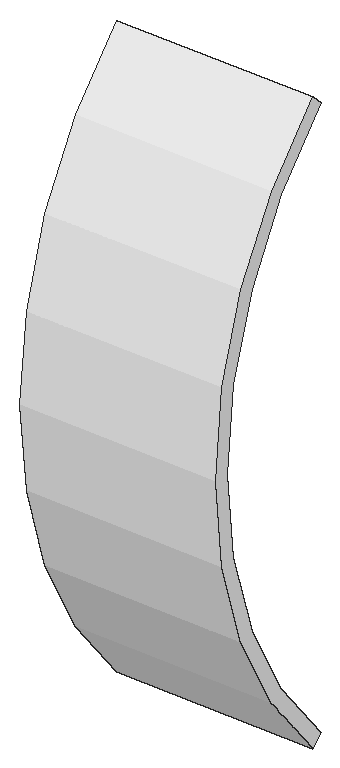
Revit family "QSS+_Вставки в хомут", category Обобщенные модели, Revit 2019
Family settings
  Может служить основой для арматурных стержней = Нет
  Размер круглого соединителя = Использовать диаметр
  Тип детали = Нормальный
  На основе рабочей плоскости = Нет
  Всегда вертикально = Нет
  При загрузке вырезать с полостями = Нет
  Общий = Да
  Точка расчета площади = Нет
Parameters (values of type "QSS+")
  Поиск в таблице имен = "QSS_Вставки в хомут"
  Мвтериал_Корпус = Металл
  d3 [instance] = d + 1 mm  # 57 mm
  d2 [instance] = d + 3 mm  # 59 mm
  d1 [instance] = 15.5 mm
  d [instance] = 56 mm
  ADSK_Примечание = ""
  ADSK_Позиция [instance] = ""
  ADSK_Обозначение = ""
  ADSK_Наименование [instance] = size_lookup(Поиск в таблице имен, "ADSK_Наименование", "Решение не найдено", d)  # "Вставки в хомут d56"
  ADSK_Масса_Текст [instance] = ""
  ADSK_Масса [instance] = 0
  ADSK_Марка = ""
  ADSK_Код изделия [instance] = size_lookup(Поиск в таблице имен, "ADSK_Код изделия", "Решение не найдено", d)  # "QSS-BFS-056"
  ADSK_Завод-изготовитель = "Agpipe"  # constant formula
  ADSK_Единица измерения = "шт."  # constant formula
Reference planes
  plane 1 "По центру (Вперед/Назад)": y = 0
  plane 2: z = 0
  plane 3 "По центру (Влево/Вправо)": x = 0
  plane 4: through (0, 0, 0) normal (0, 0.7071, 0.7071)
  plane 5: through (0, 0, 0) normal (0, -0.7071, 0.7071)
Forms (mm)
  Extrusion 1, solid, material "Металл" <- "Мвтериал_Корпус"
    sketch origin (0, 0, 0) x (0, 1, 0) y (0, 0, 1)
      loop
        arc (-20.86, 20.86) -> (-29.5, 0) -> (-20.86, -20.86) r 29.5
        line (-20.86, -20.86) -> (-20.153, -20.153)
        arc (-20.153, -20.153) -> (-28.5, 0) -> (-20.153, 20.153) r 28.5
        line (-20.153, 20.153) -> (-20.86, 20.86)
    from -7 to 7
Dimensions and locks
  "d3": diameter of Extrusion 1 sketch curve
  "d2": diameter of Extrusion 1 sketch curve
  locked: plane 4 to plane 1 "По центру (Вперед/Назад)" (angle 45.00°)
  locked: plane 1 "По центру (Вперед/Назад)" to plane 5 (angle 45.00°)
  aligned and locked: level to plane 2
  aligned and locked: plane 5 to Extrusion 1 sketch curve
Automatic sketch dimensions
  Extrusion 1 sketch curve to Extrusion 1 sketch curve = 0 mm  (x2)
  Extrusion 1 sketch curve to plane 4 = 0 mm  (x2)
  Extrusion 1 sketch curve to level = 0 mm
  Extrusion 1 sketch curve to plane 1 "По центру (Вперед/Назад)" = 0 mm
